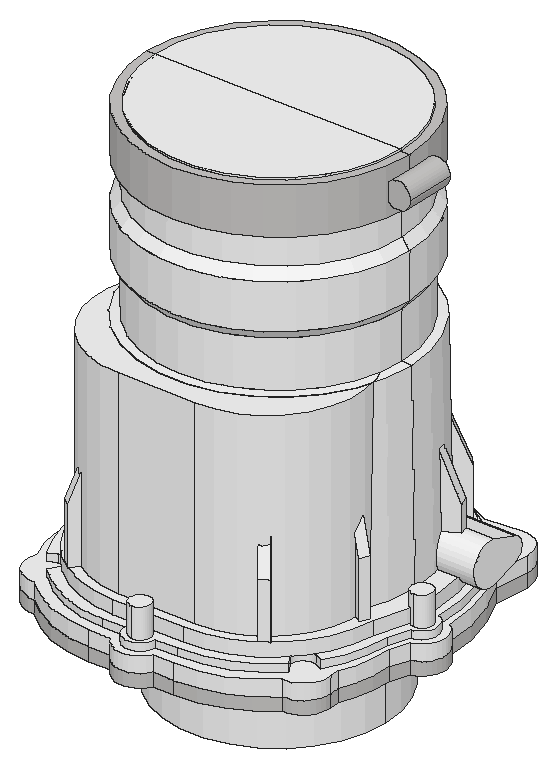
Revit family "Common_Vent-Navien-Collar_Kit", category Mechanical Equipment, Revit 2017
Family settings
  Round Connector Dimension = Use Diameter
  Part Type = Normal
  OmniClass Number = 23.75.70.11.14.14
  OmniClass Title = Dampers for Air Ductwork
  Work Plane-Based = Yes
  Always vertical = Yes
  Cut with Voids When Loaded = No
  Shared = No
  Room Calculation Point = No
Parameters (values of type "Common Vent Collar Kit")
  Width = 137 mm  # constant formula
  Weight = 0.00 lbf
  Version = "2017 - v1.0.a"  # constant formula
  URL = "https://www.navieninc.com"
  Product Page URL = "https://www.navieninc.com/accessories/all"
  Product Name = "Common Vent Collar Kit"  # constant formula
  Product Documentation Link = "Contact Navien for Product Documentation"
  Outlet = 76.2 mm  # constant formula
  Model = "Contact Navien for Product Documentation"
  Material = ""
  Manufacturer Phone Number = "(949) 420-0420"  # constant formula
  Manufacturer Fax Number = "(949) 420-0430"  # constant formula
  Manufacturer Address = "20 Goodyear, Irvine, CA 92618"  # constant formula
  Manufacturer = "Navien, Inc."  # constant formula
  Keynote = ""
  Installation Type = "Duct Fitting"  # constant formula
  Inlet = 76.2 mm  # constant formula
  Height = 201 mm  # constant formula
  Finish = Plastic - Navien - White
  Description = "The Navien backflow damper prevents backflow (back-draft) at the exhaust vent while the water heater or boiler unit operates."  # constant formula
  Depth = 137 mm  # constant formula
  Default Elevation = 1219.2 mm
  Copyright = "All contents copyright © Navien Inc."  # constant formula
  Assembly Code = ""
Reference planes
  plane 1 "Center (Front/Back)": y = 0
  plane 2: z = 0
  plane 3 "Center (Left/Right)": x = 0
  plane 4: z = 0
Forms (mm)
  Revolve 1, solid, material "Plastic - Navien - White" <- "Finish"
    sketch origin (1041.999, 0, 0) x (1, 0, 0) y (0, 0, 1)
      loop
        line (-994.686, 169) -> (-1041.999, 169) -> (-1041.999, -32) -> (-1000.199, -32) -> (-999.8, -0.016) -> (-988.807, -0.016) -> (-990.473, 95.429) -> (-994.031, 95.74) -> (-994.031, 113.932) -> (-990.999, 117.778) -> (-990.999, 134.966) -> (-994.031, 138.812) -> (-994.686, 169)
      axis (-1041.999, 169) -> (-1041.999, -32)
    angle from 0 to 360
  Extrusion 2, solid, material "Plastic - Navien - White" <- "Finish"
    sketch origin (1041.999, 0, 0) x (1, 0, 0) y (0, 1, 0)
      loop
        arc (-1083.076, 0) -> (-1088.989, -37.952) -> (-1056.791, -58.896) r 35.351
        line (-1056.791, -58.896) -> (-1027.377, -58.896)
        arc (-1027.377, -58.896) -> (-995.045, -38.029) -> (-1000.923, 0) r 35.351
        line (-1000.923, 0) -> (-1083.076, 0)
    from 0 to 95.429
  Extrusion 3, solid, material "Metal - Navien - Carbon Steel"
    sketch origin (1041.999, 0, 0) x (1, 0, 0) y (0, 1, 0)
      loop
        line (-1075.91, 57.204) -> (-1089.565, 58.399)
        arc (-1089.565, 58.399) -> (-1097.507, 55.508) -> (-1100.398, 47.565) r 10
        line (-1100.398, 47.565) -> (-1099.204, 33.911)
        arc (-1099.204, 33.911) -> (-1106.145, 17.478) -> (-1108.499, -0.206) r 66.922
        arc (-1108.499, -0.206) -> (-1112.947, -9.145) -> (-1106.413, -16.694) r 9.006
        line (-1106.413, -16.694) -> (-1103.999, -24.047)
        arc (-1103.999, -24.047) -> (-1103.157, -34.226) -> (-1100.083, -43.967) r 45.891
        line (-1100.083, -43.967) -> (-1100.398, -47.565)
        arc (-1100.398, -47.565) -> (-1097.627, -55.386) -> (-1089.906, -58.423) r 10
        arc (-1089.906, -58.423) -> (-1075.422, -67.755) -> (-1058.499, -71) r 45.27
        line (-1058.499, -71) -> (-1050.062, -71)
        arc (-1050.062, -71) -> (-1041.999, -76) -> (-1033.937, -71) r 9
        line (-1033.937, -71) -> (-1025.499, -71)
        arc (-1025.499, -71) -> (-1008.577, -67.755) -> (-994.093, -58.423) r 45.27
        arc (-994.093, -58.423) -> (-986.372, -55.386) -> (-983.601, -47.565) r 10
        line (-983.601, -47.565) -> (-983.916, -43.967)
        arc (-983.916, -43.967) -> (-980.842, -34.226) -> (-979.999, -24.047) r 45.891
        line (-979.999, -24.047) -> (-977.586, -16.694)
        arc (-977.586, -16.694) -> (-971.052, -9.145) -> (-975.5, -0.206) r 9.006
        arc (-975.5, -0.206) -> (-977.854, 17.478) -> (-984.795, 33.911) r 66.922
        line (-984.795, 33.911) -> (-983.601, 47.565)
        arc (-983.601, 47.565) -> (-986.492, 55.508) -> (-994.434, 58.399) r 10
        line (-994.434, 58.399) -> (-1008.089, 57.204)
        arc (-1008.089, 57.204) -> (-1019.949, 62.74) -> (-1032.665, 65.842) r 66.396
        line (-1032.665, 65.842) -> (-1033.147, 68.576)
        arc (-1033.147, 68.576) -> (-1041.999, 76.004) -> (-1050.852, 68.576) r 8.989
        line (-1050.852, 68.576) -> (-1051.334, 65.842)
        arc (-1051.334, 65.842) -> (-1064.05, 62.74) -> (-1075.91, 57.204) r 66.396
    from 0 to 5
  Extrusion 4, solid, material "Plastic - Navien - White" <- "Finish"
    sketch origin (1041.999, 0, 6) x (1, 0, 0) y (0, 1, 0)
      loop
        line (-1075.91, 57.204) -> (-1089.565, 58.399)
        arc (-1089.565, 58.399) -> (-1097.507, 55.508) -> (-1100.398, 47.565) r 10
        line (-1100.398, 47.565) -> (-1099.204, 33.911)
        arc (-1099.204, 33.911) -> (-1106.145, 17.478) -> (-1108.499, -0.206) r 66.922
        arc (-1108.499, -0.206) -> (-1112.947, -9.145) -> (-1106.413, -16.694) r 9.006
        line (-1106.413, -16.694) -> (-1103.999, -24.047)
        arc (-1103.999, -24.047) -> (-1103.157, -34.226) -> (-1100.083, -43.967) r 45.891
        line (-1100.083, -43.967) -> (-1100.398, -47.565)
        arc (-1100.398, -47.565) -> (-1097.627, -55.386) -> (-1089.906, -58.423) r 10
        arc (-1089.906, -58.423) -> (-1075.422, -67.755) -> (-1058.499, -71) r 45.27
        line (-1058.499, -71) -> (-1050.062, -71)
        arc (-1050.062, -71) -> (-1041.999, -76) -> (-1033.937, -71) r 9
        line (-1033.937, -71) -> (-1025.499, -71)
        arc (-1025.499, -71) -> (-1008.577, -67.755) -> (-994.093, -58.423) r 45.27
        arc (-994.093, -58.423) -> (-986.372, -55.386) -> (-983.601, -47.565) r 10
        line (-983.601, -47.565) -> (-983.916, -43.967)
        arc (-983.916, -43.967) -> (-980.842, -34.226) -> (-979.999, -24.047) r 45.891
        line (-979.999, -24.047) -> (-977.586, -16.694)
        arc (-977.586, -16.694) -> (-971.052, -9.145) -> (-975.5, -0.206) r 9.006
        arc (-975.5, -0.206) -> (-977.854, 17.478) -> (-984.795, 33.911) r 66.922
        line (-984.795, 33.911) -> (-983.601, 47.565)
        arc (-983.601, 47.565) -> (-986.492, 55.508) -> (-994.434, 58.399) r 10
        line (-994.434, 58.399) -> (-1008.089, 57.204)
        arc (-1008.089, 57.204) -> (-1019.949, 62.74) -> (-1032.665, 65.842) r 66.396
        line (-1032.665, 65.842) -> (-1033.147, 68.576)
        arc (-1033.147, 68.576) -> (-1041.999, 76.004) -> (-1050.852, 68.576) r 8.989
        line (-1050.852, 68.576) -> (-1051.334, 65.842)
        arc (-1051.334, 65.842) -> (-1064.05, 62.74) -> (-1075.91, 57.204) r 66.396
    from -1 to 5
  Extrusion 5, solid, material "Plastic - Navien - White" <- "Finish"
    sketch origin (1041.999, 0, 0) x (1, 0, 0) y (0, 1, 0)
      loop
        arc (-1047.958, 63.722) -> (-1090.099, 42.237) -> (-1105.957, -2.327) r 63.966
        arc (-1105.957, -2.327) -> (-1109.944, -8.768) -> (-1104.451, -13.984) r 6.003
        arc (-1104.451, -13.984) -> (-1103.372, -18.171) -> (-1101.999, -22.271) r 61.192
        arc (-1101.999, -22.271) -> (-1100.099, -34.541) -> (-1094.948, -45.838) r 45.456
        line (-1094.948, -45.838) -> (-1091.931, -44.458)
        arc (-1091.931, -44.458) -> (-1087.123, -45.774) -> (-1086.872, -50.752) r 4.25
        line (-1086.872, -50.752) -> (-1088.886, -53.425)
        arc (-1088.886, -53.425) -> (-1074.065, -63.479) -> (-1056.506, -67) r 45.281
        line (-1056.506, -67) -> (-1047.958, -67)
        arc (-1047.958, -67) -> (-1041.999, -72.958) -> (-1036.041, -67) r 5.958
        line (-1036.041, -67) -> (-1027.493, -67)
        arc (-1027.493, -67) -> (-1009.933, -63.479) -> (-995.112, -53.425) r 45.281
        line (-995.112, -53.425) -> (-997.126, -50.752)
        arc (-997.126, -50.752) -> (-996.876, -45.774) -> (-992.068, -44.458) r 4.25
        line (-992.068, -44.458) -> (-989.05, -45.838)
        arc (-989.05, -45.838) -> (-983.9, -34.541) -> (-981.999, -22.271) r 45.456
        arc (-981.999, -22.271) -> (-980.627, -18.169) -> (-979.547, -13.98) r 61.192
        arc (-979.547, -13.98) -> (-974.032, -8.771) -> (-978.042, -2.331) r 5.992
        arc (-978.042, -2.331) -> (-993.899, 42.236) -> (-1036.041, 63.722) r 63.966
        line (-1036.041, 63.722) -> (-1036.041, 66.979)
        arc (-1036.041, 66.979) -> (-1041.989, 72.958) -> (-1047.958, 67) r 5.958
        line (-1047.958, 67) -> (-1047.958, 63.722)
    from 11 to 13.864
  Extrusion 6, solid, material "Plastic - Navien - White" <- "Finish", detail levels fine
    sketch origin (978.987, 366.288, 0) x (0.936591, 0.350426, 0) y (0, 0, 1)
      loop
        line (-993.763, 59.72) -> (-993.763, 18.624) -> (-986.213, 18.624) -> (-986.213, 40.586) -> (-993.763, 59.72)
    from -1.69 to 2.029
  Extrusion 7, solid, material "Plastic - Navien - White" <- "Finish", detail levels fine
    sketch origin (736.989, 741.235, 0) x (0.705073, 0.709135, 0) y (0, 0, 1)
      loop
        line (-993.763, 59.72) -> (-993.763, 18.624) -> (-986.213, 18.624) -> (-986.213, 40.586) -> (-993.763, 59.72)
    from -1.69 to 2.029
  Extrusion 8, solid, material "Plastic - Navien - White" <- "Finish", detail levels fine
    sketch origin (366.288, 978.987, 0) x (0.350426, 0.936591, 0) y (0, 0, -1)
      loop
        line (-993.763, -59.72) -> (-986.213, -40.586) -> (-986.213, -18.624) -> (-993.763, -18.624) -> (-993.763, -59.72)
    from -1.69 to 2.029
  Extrusion 9, solid, material "Plastic - Navien - White" <- "Finish", detail levels fine
    sketch origin (-978.987, 366.288, 0) x (-0.936591, 0.350426, 0) y (0, 0, -1)
      loop
        line (-993.763, -59.72) -> (-986.213, -40.586) -> (-986.213, -18.624) -> (-993.763, -18.624) -> (-993.763, -59.72)
    from -1.69 to 2.029
  Extrusion 10, solid, material "Plastic - Navien - White" <- "Finish", detail levels fine
    sketch origin (-736.989, 741.235, 0) x (-0.705073, 0.709135, 0) y (0, 0, -1)
      loop
        line (-993.763, -59.72) -> (-986.213, -40.586) -> (-986.213, -18.624) -> (-993.763, -18.624) -> (-993.763, -59.72)
    from -1.69 to 2.029
  Extrusion 11, solid, material "Plastic - Navien - White" <- "Finish", detail levels fine
    sketch origin (-366.288, 978.987, 0) x (-0.350426, 0.936591, 0) y (0, 0, 1)
      loop
        line (-993.763, 59.72) -> (-993.763, 18.624) -> (-986.213, 18.624) -> (-986.213, 40.586) -> (-993.763, 59.72)
    from -1.69 to 2.029
  Extrusion 12, solid, material "Plastic - Navien - White" <- "Finish", detail levels fine
    sketch origin (-947.976, -440.368, 0) x (-0.906923, -0.421297, 0) y (0, 0, -1)
      loop
        line (-993.763, -59.72) -> (-986.213, -40.586) -> (-986.213, -18.624) -> (-993.763, -18.624) -> (-993.763, -59.72)
    from -1.69 to 2.029
  Extrusion 13, solid, material "Plastic - Navien - White" <- "Finish", detail levels fine
    sketch origin (947.976, -440.368, 0) x (0.906923, -0.421297, 0) y (0, 0, 1)
      loop
        line (-993.763, 59.72) -> (-993.763, 18.624) -> (-986.213, 18.624) -> (-986.213, 40.586) -> (-993.763, 59.72)
    from -1.69 to 2.029
  Extrusion 14, solid, material "Plastic - Navien - White" <- "Finish", detail levels fine
    sketch origin (1041.999, 0, 0) x (1, 0, 0) y (0, 1, 0)
      loop
        circle (-1103.998, -7.998) r 3.935
      loop
        circle (-980.001, -7.998) r 3.935
      loop
        circle (-1041.999, -67.02) r 3.935
      loop
        circle (-1041.999, 67.02) r 3.935
    from 0 to 25
  Extrusion 15, solid, material "Plastic - Navien - White" <- "Finish", detail levels fine
    sketch origin (1041.999, 0, 0) x (0, 1, 0) y (0, 0, 1)
      loop
        arc (21.816, 30.792) -> (11.992, 23.201) -> (21.375, 15.071) r 8.022
        line (21.375, 15.071) -> (31.519, 18.236)
        arc (31.519, 18.236) -> (35.023, 23) -> (31.519, 27.765) r 4.991
        line (31.519, 27.765) -> (21.816, 30.792)
    from -1041.999 to -975.799
  Extrusion 16, solid, material "Metal - Navien - Carbon Steel"
    sketch origin (1041.999, 0, 0) x (1, 0, 0) y (0, 0, 1)
      loop
        circle (-988.017, 159.5) r 4.99
    from -9.5 to 9.5
  Revolve 17, solid, material "Metal - Navien - Carbon Steel"
    sketch origin (1041.999, 0, 0) x (1, 0, 0) y (0, 0, 1)
      loop
        line (-990.999, 168.5) -> (-995.026, 168.5) -> (-995.026, 150.5) -> (-990.999, 150.5) -> (-990.999, 168.5)
      axis (-1041.999, 168.5) -> (-1041.999, 150.5)
    angle from 0 to 360
  Extrusion 18, solid, material "Plastic - Navien - White" <- "Finish"
    sketch origin (1041.999, 0, 0) x (1, 0, 0) y (0, 1, 0)
      loop
        arc (-986.066, -23.951) -> (-1042.154, 60.928) -> (-1097.915, -24.166) r 60.894
        arc (-1097.915, -24.166) -> (-1084.316, -51.798) -> (-1055.602, -62.931) r 42.388
        line (-1055.602, -62.931) -> (-1028.397, -62.931)
        arc (-1028.397, -62.931) -> (-999.603, -51.725) -> (-986.066, -23.951) r 42.388
    from 13.864 to 18.949
  Extrusion 19, solid, material "Plastic - Navien - White" <- "Finish", detail levels fine
    sketch origin (-640.458, -835.844, 0) x (-0.61036, -0.792124, 0) y (0, 0, -1)
      loop
        line (-993.763, -59.72) -> (-986.213, -40.586) -> (-986.213, -18.624) -> (-993.763, -18.624) -> (-993.763, -59.72)
    from -1.69 to 2.029
  Extrusion 20, solid, material "Plastic - Navien - White" <- "Finish", detail levels fine
    sketch origin (640.458, -835.844, 0) x (0.61036, -0.792124, 0) y (0, 0, 1)
      loop
        line (-993.763, 59.72) -> (-993.763, 18.624) -> (-986.213, 18.624) -> (-986.213, 40.586) -> (-993.763, 59.72)
    from -1.69 to 2.029
Dimensions and locks
  aligned and locked: plane 2 to level
Connectors
  hvac at (0, 0, 169)
    settings: on Revolve 1, index 1, duct flow 0 CFM, flow factor 0, pres drop 0.00 in-wg, loss coef 0, conn angle 0.00°, conn width 12", conn height 12", conn diameter 3", duct sys type 3, conn prof type 0, flow config 0, flow direction 0, loss method 0, conn ref index -1, conn util no, is conn primary yes, conn desc ""
